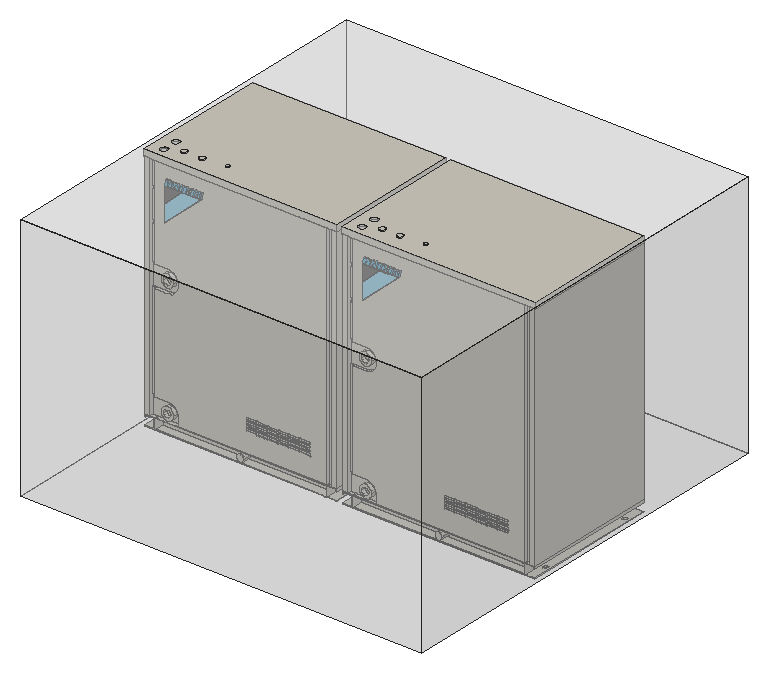
Revit family "outputfile", category 機械設備, Revit 2024 (continued)
Definition of nested family "DAIKIN_outdoorunit_RWEYQ-TY1S"
  Definition of nested family "outdoorunit_downpanel"
    Reference planes
      plane 3: x = 0
      plane 4 "Back": y = 10
      plane 5 "Front": y = -10
      plane 6: x = 736
      plane 7 "Top": z = 510
      plane 8 "Left": x = 0
      plane 9: z = 255
      plane 10: y = -18
      plane 11: y = 6
      plane 12: y = 8
      plane 13: x = 368
    Forms (mm)
      Extrusion 1, solid, material <- "material"
        sketch origin (0, 0, 0) x (1, 0, 0) y (0, 1, 0)
          loop
            line (0, 10) -> (0, -10) -> (736, -10) -> (736, 10) -> (0, 10)
        from 0 to 510
    Dimensions and locks
      equal spacing: plane 4 "Back", plane 1 "Center (Front/Back)", plane 5 "Front"
      "depth": plane 4 "Back" to plane 5 "Front"
      "width": plane 8 "Left" to plane 6
      "height1": plane 7 "Top" to plane 2 "Bottom"
      plane 4 "Back" to plane 11 = 4.0 mm
      plane 4 "Back" to plane 12 = 2.0 mm
      equal spacing: plane 8 "Left", plane 13, plane 6
      equal spacing: plane 7 "Top", plane 9, plane 2 "Bottom"
      aligned and locked: level to plane 2 "Bottom"
      aligned and locked: plane 8 "Left" to Extrusion 1 sketch curve
      aligned and locked: Extrusion 1 sketch curve to plane 4 "Back"
      aligned and locked: plane 5 "Front" to Extrusion 1 sketch curve
      aligned and locked: Extrusion 1 to plane 2 "Bottom"
      aligned and locked: plane 7 "Top" to Extrusion 1
      aligned and locked: plane 3 to plane 8 "Left"
    Automatic sketch dimensions
      Extrusion 1 sketch curve to plane 6 = 0.0 mm
  Definition of nested family "daikin_mountinghole"
    Parameters (values of type "daikin_mountinghole")
      Default Elevation = 1219.2 mm
      Type Comments = "mountinghole"
      show [instance] = yes
      material = none
      l_centerline = 100.0 mm
      l_antenna [instance] = 100.0 mm
      h_mountinghole [instance] = 0.0 mm
      d_circle = 30.0 mm
      Link_Nested Family [instance] = ""
    Reference planes
      plane 1 "Center (Front/Back)": y = 0
      plane 2: z = 0
      plane 3 "Center (Left/Right)": x = 0
      plane 4: y = 50
      plane 5: x = -50
      plane 6: x = 50
      plane 7: y = -50
      plane 8 "h_mountinghole": z = 0
      plane 9: z = 100
    Lines and regions (mm)
      model lines, detail levels fine
        curve 1: circle (0, 0, 0) r 15 normal (0, 0, 1)
        curve 2: line (-50, 0, 0) -> (50, 0, 0)
        curve 3: line (0, 50, 0) -> (0, -50, 0)
      symbolic lines, detail levels fine
        curve 4: circle (0, 0, 0) r 15 normal (0, 0, 1)
        curve 5: line (-50, 0, 0) -> (50, 0, 0)
        curve 6: line (0, 50, 0) -> (0, -50, 0)
      model lines
        curve 7: line (0, 0, 100) -> (0, 0, 0)
    Dimensions and locks
      equal spacing: plane 4, plane 1 "Center (Front/Back)", plane 7
      "l_centerline": plane 4 to plane 7
      equal spacing: plane 5, plane 3 "Center (Left/Right)", plane 6
      "l_centerline": plane 5 to plane 6
      "l_antenna": plane 9 to plane 8 "h_mountinghole"
      "h_mountinghole": plane 8 "h_mountinghole" to plane 2
      "d_circle": diameter of curve 1
      "d_circle": diameter of curve 4
      aligned and locked: level to plane 2
      aligned and locked: plane 1 "Center (Front/Back)" to curve 1
      aligned and locked: plane 3 "Center (Left/Right)" to curve 1
      aligned and locked: plane 1 "Center (Front/Back)" to curve 2
      aligned and locked: curve 3 to plane 3 "Center (Left/Right)"
      aligned and locked: plane 6 to curve 2
      aligned and locked: plane 5 to curve 2
      aligned and locked: plane 4 to curve 3
      aligned and locked: plane 7 to curve 3
      aligned and locked: plane 1 "Center (Front/Back)" to curve 4
      aligned and locked: plane 3 "Center (Left/Right)" to curve 4
      aligned and locked: plane 6 to curve 5
      aligned and locked: plane 5 to curve 5
      aligned and locked: plane 1 "Center (Front/Back)" to curve 5
      aligned and locked: plane 4 to curve 6
      aligned and locked: plane 7 to curve 6
      aligned and locked: curve 6 to plane 3 "Center (Left/Right)"
      aligned and locked: curve 7 to plane 3 "Center (Left/Right)"
      aligned and locked: plane 9 to curve 7
      aligned and locked: plane 8 "h_mountinghole" to curve 7
Definition of nested family "daikin_clearancespace"
  Parameters (values of type "daikin_clearancespace")
    Description = "daikin_clearancespace"
    width [instance] = 1823.963 mm
    show [instance] = yes
    material = none
    height [instance] = 1359.762 mm
    depth [instance] = 880.0 mm
    Default Elevation = 0.0 mm
    Link_Nested Family [instance] = ""
  Reference planes
    plane 1 "Center (Front/Back)": y = 0
    plane 2 "Center (Elevation)": z = -0.119
    plane 3 "Center (Left/Right)": x = 0
    plane 4: y = 440
    plane 5: y = -440
    plane 6 "Right": x = 911.982
    plane 7 "Left": x = -911.982
    plane 8 "Top": z = 679.762
    plane 9 "Bottom": z = -680
  Forms (mm)
    Extrusion 1, solid, material <- "material", visible <- "show"
      sketch origin (0, 0, 0) x (1, 0, 0) y (0, 1, 0)
        loop
          line (-911.982, 440) -> (-911.982, -440) -> (911.982, -440) -> (911.982, 440) -> (-911.982, 440)
      from -680 to 679.762
  Lines and regions (mm)
    symbolic lines, visible <- "show"
      curve 1: line (911.982, 440, 0) -> (-911.982, 440, 0)
      curve 2: line (-911.982, 440, 0) -> (-911.982, -440, 0)
      curve 3: line (-911.982, -440, 0) -> (911.982, -440, 0)
      curve 4: line (911.982, -440, 0) -> (911.982, 440, 0)
      curve 5: line (911.982, 0, 679.762) -> (-911.982, 0, 679.762)
      curve 6: line (911.982, 0, -680) -> (911.982, 0, 679.762)
      curve 7: line (-911.982, 0, -680) -> (911.982, 0, -680)
      curve 8: line (-911.982, 0, 679.762) -> (-911.982, 0, -680)
      curve 9: line (0, 440, 679.762) -> (0, -440, 679.762)
      curve 10: line (0, -440, 679.762) -> (0, -440, -680)
      curve 11: line (0, 440, -680) -> (0, 440, 679.762)
      curve 12: line (0, -440, -680) -> (0, 440, -680)
  Dimensions and locks
    "width": plane 7 "Left" to plane 6 "Right"
    "depth": plane 4 to plane 5
    "height": plane 8 "Top" to plane 9 "Bottom"
    equal spacing: plane 7 "Left", plane 3 "Center (Left/Right)", plane 6 "Right"
    equal spacing: plane 4, plane 1 "Center (Front/Back)", plane 5
    equal spacing: plane 8 "Top", plane 2 "Center (Elevation)", plane 9 "Bottom"
    aligned and locked: level to plane 2 "Center (Elevation)"
    aligned and locked: Extrusion 1 sketch curve to plane 4
    aligned and locked: plane 7 "Left" to Extrusion 1 sketch curve
    aligned and locked: Extrusion 1 sketch curve to plane 5
    aligned and locked: Extrusion 1 sketch curve to plane 6 "Right"
    aligned and locked: plane 8 "Top" to Extrusion 1
    aligned and locked: curve 1 to Extrusion 1
    aligned and locked: curve 2 to Extrusion 1
    aligned and locked: curve 3 to Extrusion 1
    aligned and locked: curve 4 to Extrusion 1
    aligned and locked: curve 5 to Extrusion 1
    aligned and locked: curve 6 to Extrusion 1
    aligned and locked: curve 7 to Extrusion 1
    aligned and locked: curve 8 to Extrusion 1
    aligned and locked: curve 9 to Extrusion 1
    aligned and locked: curve 10 to Extrusion 1
    aligned and locked: curve 11 to Extrusion 1
    aligned and locked: curve 12 to Extrusion 1
    aligned and locked: Extrusion 1 to plane 9 "Bottom"
Definition of nested family "daikin_logo_elevation_w150"
  Parameters (values of type "daikin_logo_elevation_w150")
    width = 150.0 mm
    show_logo [instance] = yes
    material = none
    height = 180.0 mm
    depth = 5.0 mm
    Default Elevation = 0.0 mm
  Reference planes
    plane 1 "Center (Front/Back)": y = 0
    plane 2: z = 0
    plane 3 "Center (Left/Right)": x = 0
    plane 4 "top": z = 180
    plane 5: z = 155.432
    plane 6 "left": x = -90
    plane 7 "right": x = 60
    plane 8: y = -5
  Forms (mm)
    Extrusion 1, solid, visible <- "show_logo"
      sketch origin (0, 0, 0) x (1, 0, 0) y (0, 0, 1)
        loop
          line (-90, 22.832) -> (54.211, 155.432) -> (-19.804, 155.432) -> (-90, 91.131) -> (-90, 22.832)
      from 0 to 5
    Extrusion 2, solid, visible <- "show_logo"
      sketch origin (0, 0, 0) x (1, 0, 0) y (0, 0, 1)
        loop
          line (-90, 155.432) -> (-90, 91.131) -> (-19.804, 155.432) -> (-90, 155.432)
      from 0 to 5
    Extrusion 3, solid, visible <- "show_logo"
      sketch origin (0, 0, 0) x (1, 0, 0) y (0, 0, 1)
        loop
          line (-73.294, 180) -> (-84.431, 180) -> (-90, 157.726) -> (-73.294, 157.726)
          arc (-73.294, 157.726) -> (-66.673, 159.069) -> (-61.582, 163.51) r 13.209
          arc (-61.582, 163.51) -> (-59.344, 169.288) -> (-60.109, 175.436) r 12.685
          arc (-60.109, 175.436) -> (-61.683, 177.678) -> (-64.031, 179.088) r 6.606
          arc (-64.031, 179.088) -> (-68.629, 179.878) -> (-73.294, 180) r 32.396
        loop
          line (-78.863, 162.18) -> (-74.408, 162.18)
          arc (-74.408, 162.18) -> (-70.986, 164.473) -> (-69.002, 168.082) r 8.708
          arc (-69.002, 168.082) -> (-68.734, 170.84) -> (-69.386, 173.533) r 8.337
          arc (-69.386, 173.533) -> (-70.358, 174.487) -> (-71.624, 174.988) r 3.442
          line (-71.624, 174.988) -> (-76.078, 174.988) -> (-78.863, 162.18)
        loop
          line (-61.043, 157.726) -> (-54.918, 157.726) -> (-52.829, 161.624) -> (-44.059, 161.624) -> (-43.223, 157.726) -> (-33.2, 157.726) -> (-37.655, 180) -> (-48.792, 180) -> (-61.043, 157.726)
        loop
          line (-50.145, 166.635) -> (-45.133, 166.635) -> (-46.565, 173.318) -> (-50.145, 166.635)
        loop
          line (-24.847, 180) -> (-30.416, 157.726) -> (-20.949, 157.726) -> (-15.38, 180) -> (-24.847, 180)
        loop
          line (-15.38, 157.726) -> (-5.914, 157.726) -> (-4.4, 163.779) -> (0.212, 157.726) -> (11.906, 157.726) -> (2.996, 169.42) -> (15.804, 180) -> (5.78, 180) -> (-1.94, 173.623) -> (-0.345, 180) -> (-9.812, 180) -> (-15.38, 157.726)
        loop
          line (20.259, 180) -> (14.133, 157.726) -> (24.157, 157.726) -> (29.725, 180) -> (20.259, 180)
        loop
          line (29.725, 157.726) -> (36.408, 157.726) -> (39.555, 170.315) -> (43.647, 157.726) -> (54.784, 157.726) -> (60.353, 180) -> (53.671, 180) -> (50.281, 166.442) -> (45.874, 180) -> (35.294, 180) -> (29.725, 157.726)
      from 0 to 5
  Dimensions and locks
    "height": plane 4 "top" to plane 2
    locked: plane 4 "top" to plane 5 at 24.568
    "width": plane 6 "left" to plane 7 "right"
    "depth": plane 8 to plane 1 "Center (Front/Back)"
    aligned and locked: level to plane 2
    aligned and locked: plane 4 "top" to Extrusion 3  (x8)
    aligned and locked: plane 5 to Extrusion 1
    aligned and locked: plane 5 to Extrusion 2
    aligned and locked: plane 6 "left" to Extrusion 2
    aligned and locked: plane 6 "left" to Extrusion 1
    aligned and locked: Extrusion 3 to plane 8
    aligned and locked: Extrusion 1 to plane 8
    aligned and locked: Extrusion 2 to plane 8
  Automatic sketch dimensions
    level to Extrusion 1 sketch curve = 22.832 mm
    Extrusion 1 sketch curve to Extrusion 1 sketch curve = 68.298 mm
    Extrusion 1 sketch curve to plane 4 "top" = 24.568 mm
    Extrusion 1 sketch curve to plane 3 "Center (Left/Right)" = 19.804 mm
    Extrusion 2 sketch curve to plane 4 "top" = 24.568 mm
    Extrusion 2 sketch curve to plane 3 "Center (Left/Right)" = 19.804 mm
    Extrusion 2 sketch curve to Extrusion 2 sketch curve = 64.302 mm
    Extrusion 3 sketch curve to plane 4 "top" = 0.0 mm  (x8)
    Extrusion 3 sketch curve to plane 4 "top" = 0.912 mm
    Extrusion 3 sketch curve to Extrusion 3 sketch curve = 2.154 mm
    Extrusion 3 sketch curve to Extrusion 3 sketch curve = 6.245 mm
    Extrusion 3 sketch curve to plane 4 "top" = 4.564 mm
    Extrusion 3 sketch curve to Extrusion 3 sketch curve = 5.748 mm
    Extrusion 3 sketch curve to Extrusion 3 sketch curve = 2.001 mm
    Extrusion 3 sketch curve to Extrusion 3 sketch curve = 4.603 mm
    Extrusion 3 sketch curve to Extrusion 3 sketch curve = 0.59 mm
    Extrusion 3 sketch curve to Extrusion 3 sketch curve = 0.07 mm
    Extrusion 3 sketch curve to Extrusion 3 sketch curve = 1.49 mm
    Extrusion 3 sketch curve to plane 4 "top" = 5.012 mm
    Extrusion 3 sketch curve to Extrusion 3 sketch curve = 3.556 mm
    Extrusion 3 sketch curve to Extrusion 3 sketch curve = 5.569 mm  (x3)
    Extrusion 3 sketch curve to Extrusion 3 sketch curve = 0.309 mm
    Extrusion 3 sketch curve to Extrusion 3 sketch curve = 4.455 mm  (x4)
    Extrusion 3 sketch curve to Extrusion 3 sketch curve = 0.288 mm
    Extrusion 3 sketch curve to Extrusion 3 sketch curve = 0.689 mm
    Extrusion 3 sketch curve to Extrusion 3 sketch curve = 2.238 mm
    Extrusion 3 sketch curve to Extrusion 3 sketch curve = 4.528 mm
    Extrusion 3 sketch curve to Extrusion 3 sketch curve = 0.658 mm
    Extrusion 3 sketch curve to Extrusion 3 sketch curve = 2.931 mm
    Extrusion 3 sketch curve to Extrusion 3 sketch curve = 0.357 mm
    Extrusion 3 sketch curve to Extrusion 3 sketch curve = 0.101 mm
    Extrusion 3 sketch curve to Extrusion 3 sketch curve = 11.317 mm
    Extrusion 3 sketch curve to Extrusion 3 sketch curve = 0.539 mm
    Extrusion 3 sketch curve to Extrusion 3 sketch curve = 11.137 mm  (x2)
    Extrusion 3 sketch curve to Extrusion 3 sketch curve = 5.784 mm
    Extrusion 3 sketch curve to Extrusion 3 sketch curve = 10.024 mm  (x3)
    Extrusion 3 sketch curve to Extrusion 3 sketch curve = 0.835 mm
    Extrusion 3 sketch curve to Extrusion 3 sketch curve = 8.771 mm
    Extrusion 3 sketch curve to Extrusion 3 sketch curve = 2.088 mm
    Extrusion 3 sketch curve to Extrusion 3 sketch curve = 3.898 mm
    Extrusion 3 sketch curve to plane 4 "top" = 6.682 mm
    Extrusion 3 sketch curve to Extrusion 3 sketch curve = 2.227 mm  (x2)
    Extrusion 3 sketch curve to Extrusion 3 sketch curve = 2.685 mm
    Extrusion 3 sketch curve to plane 4 "top" = 13.365 mm
    Extrusion 3 sketch curve to Extrusion 3 sketch curve = 5.012 mm
    Extrusion 3 sketch curve to Extrusion 3 sketch curve = 12.808 mm
    Extrusion 3 sketch curve to Extrusion 3 sketch curve = 2.784 mm
    Extrusion 3 sketch curve to Extrusion 3 sketch curve = 9.467 mm  (x4)
    Extrusion 3 sketch curve to Extrusion 3 sketch curve = 0.0 mm  (x5)
    Extrusion 3 sketch curve to Extrusion 3 sketch curve = 5.568 mm  (x2)
    Extrusion 3 sketch curve to plane 3 "Center (Left/Right)" = 0.345 mm
    Extrusion 3 sketch curve to plane 3 "Center (Left/Right)" = 1.94 mm
    Extrusion 3 sketch curve to plane 4 "top" = 6.377 mm
    plane 3 "Center (Left/Right)" to Extrusion 3 sketch curve = 5.78 mm
    plane 3 "Center (Left/Right)" to Extrusion 3 sketch curve = 2.996 mm
    Extrusion 3 sketch curve to Extrusion 3 sketch curve = 4.203 mm
    plane 3 "Center (Left/Right)" to Extrusion 3 sketch curve = 11.906 mm
    Extrusion 3 sketch curve to Extrusion 3 sketch curve = 11.694 mm
    plane 3 "Center (Left/Right)" to Extrusion 3 sketch curve = 0.212 mm
    Extrusion 3 sketch curve to plane 3 "Center (Left/Right)" = 4.4 mm
    Extrusion 3 sketch curve to Extrusion 3 sketch curve = 6.053 mm
    Extrusion 3 sketch curve to plane 3 "Center (Left/Right)" = 5.914 mm
    Extrusion 3 sketch curve to Extrusion 3 sketch curve = 10.581 mm
    Extrusion 3 sketch curve to plane 4 "top" = 13.558 mm
    Extrusion 3 sketch curve to Extrusion 3 sketch curve = 4.406 mm
    Extrusion 3 sketch curve to Extrusion 3 sketch curve = 7.796 mm
    Extrusion 3 sketch curve to Extrusion 3 sketch curve = 6.682 mm  (x2)
    Extrusion 3 sketch curve to Extrusion 3 sketch curve = 4.503 mm
    Extrusion 3 sketch curve to Extrusion 3 sketch curve = 8.716 mm
    Extrusion 3 sketch curve to Extrusion 3 sketch curve = 6.634 mm
    Extrusion 3 sketch curve to plane 4 "top" = 9.685 mm
    Extrusion 3 sketch curve to Extrusion 3 sketch curve = 4.261 mm
    Extrusion 3 sketch curve to Extrusion 3 sketch curve = 1.67 mm
    Extrusion 3 sketch curve to Extrusion 3 sketch curve = 8.353 mm
    Extrusion 1 sketch curve to plane 3 "Center (Left/Right)" = 90.0 mm
    Extrusion 2 sketch curve to Extrusion 2 sketch curve = 70.196 mm
    plane 3 "Center (Left/Right)" to Extrusion 1 sketch curve = 54.211 mm
Definition of nested family "daikin_mountinghole"
  Parameters (values of type "daikin_mountinghole")
    Default Elevation = 1219.2 mm
    Type Comments = "mountinghole"
    show [instance] = yes
    material = none
    l_centerline = 100.0 mm
    l_antenna [instance] = 100.0 mm
    h_mountinghole [instance] = 0.0 mm
    d_circle = 30.0 mm
    Link_Nested Family [instance] = ""
  Reference planes
    plane 1 "Center (Front/Back)": y = 0
    plane 2: z = 0
    plane 3 "Center (Left/Right)": x = 0
    plane 4: y = 50
    plane 5: x = -50
    plane 6: x = 50
    plane 7: y = -50
    plane 8 "h_mountinghole": z = 0
    plane 9: z = 100
  Lines and regions (mm)
    model lines, detail levels fine
      curve 1: circle (0, 0, 0) r 15 normal (0, 0, 1)
      curve 2: line (-50, 0, 0) -> (50, 0, 0)
      curve 3: line (0, 50, 0) -> (0, -50, 0)
    symbolic lines, detail levels fine
      curve 4: circle (0, 0, 0) r 15 normal (0, 0, 1)
      curve 5: line (-50, 0, 0) -> (50, 0, 0)
      curve 6: line (0, 50, 0) -> (0, -50, 0)
    model lines
      curve 7: line (0, 0, 100) -> (0, 0, 0)
  Dimensions and locks
    equal spacing: plane 4, plane 1 "Center (Front/Back)", plane 7
    "l_centerline": plane 4 to plane 7
    equal spacing: plane 5, plane 3 "Center (Left/Right)", plane 6
    "l_centerline": plane 5 to plane 6
    "l_antenna": plane 9 to plane 8 "h_mountinghole"
    "h_mountinghole": plane 8 "h_mountinghole" to plane 2
    "d_circle": diameter of curve 1
    "d_circle": diameter of curve 4
    aligned and locked: level to plane 2
    aligned and locked: plane 1 "Center (Front/Back)" to curve 1
    aligned and locked: plane 3 "Center (Left/Right)" to curve 1
    aligned and locked: plane 1 "Center (Front/Back)" to curve 2
    aligned and locked: curve 3 to plane 3 "Center (Left/Right)"
    aligned and locked: plane 6 to curve 2
    aligned and locked: plane 5 to curve 2
    aligned and locked: plane 4 to curve 3
    aligned and locked: plane 7 to curve 3
    aligned and locked: plane 1 "Center (Front/Back)" to curve 4
    aligned and locked: plane 3 "Center (Left/Right)" to curve 4
    aligned and locked: plane 6 to curve 5
    aligned and locked: plane 5 to curve 5
    aligned and locked: plane 1 "Center (Front/Back)" to curve 5
    aligned and locked: plane 4 to curve 6
    aligned and locked: plane 7 to curve 6
    aligned and locked: curve 6 to plane 3 "Center (Left/Right)"
    aligned and locked: curve 7 to plane 3 "Center (Left/Right)"
    aligned and locked: plane 9 to curve 7
    aligned and locked: plane 8 "h_mountinghole" to curve 7
Definition of nested family "daikin_connector_rotate3"
  Parameters (values of type "daikin_connector_rotate3")
    show [instance] = yes
    radius [instance] = 10.0 mm
    length [instance] = 600.0 mm
    angle_horizontal [instance] = 60.00°
    angle_vertical [instance] = 90.00°
    Default Elevation = 0.0 mm
  Reference planes
    plane 1 "Center (Front/Back)": y = 0
    plane 2: z = 0
    plane 3 "Center (Left/Right)": x = 0
  Dimensions and locks
    "angle_horizontal": angle plane 3 "Center (Left/Right)" to nested 1
    aligned and locked: level to plane 2
    aligned and locked: plane 1 "Center (Front/Back)" to nested 1  (x2)
    aligned and locked: plane 3 "Center (Left/Right)" to nested 1
  Nested families
    nested 1: "daikin_connector_rotate2" at (0, 0, 0) x (0.5, 0.866, 0) z (0, 0, 1), angle_vertical <- "angle_vertical", length <- "length", radius <- "radius", type "daikin_connector_rotate2"
      with radius 10.0 mm, length 600.0 mm, angle_vertical 90.00°
  Definition of nested family "daikin_connector_rotate2"
    Parameters (values of type "daikin_connector_rotate2")
      show_face = yes
      radius [instance] = 10.0 mm
      length [instance] = 600.0 mm
      d_surface = 10.0 mm
      angle_vertical [instance] = 90.00°
      Default Elevation = 0.0 mm
    Reference planes
      plane 1 "Center (Front/Back)": y = 0
      plane 2: z = 0
      plane 3 "Center (Left/Right)": x = 0
    Forms (mm)
      Extrusion 1, solid, visible <- "show_face"
        sketch origin (0, -600, 0) x (1, 0, 0) y (0, 0, 1)
          loop
            circle (0, 0) r 10
        from 0 to -10
    Lines and regions (mm)
      reference lines
        curve 1: line (0, 0, 0) -> (0, -600, 0)
      symbolic lines
        curve 2: circle (0, 0, 0) r 5 normal (0, 0, 1)
      model lines, visible <- "show_face"
        curve 3: line (0, 0, 0) -> (0, -600, 0)
    Dimensions and locks
      "length": curve 1 to curve 1
      "length": curve 3 to curve 3
      "d_surface": Extrusion 1 to Extrusion 1
      "radius": radius of Extrusion 1 sketch curve
      "angle_vertical": angle curve 1 to plane 1 "Center (Front/Back)"
      "angle_vertical": angle curve 3 to plane 1 "Center (Front/Back)"
      aligned and locked: level to plane 2
      aligned and locked: plane 1 "Center (Front/Back)" to curve 1
      aligned and locked: plane 2 to curve 1
      aligned and locked: plane 1 "Center (Front/Back)" to curve 2
      aligned and locked: plane 3 "Center (Left/Right)" to curve 2
      aligned and locked: plane 1 "Center (Front/Back)" to curve 3
      aligned and locked: plane 2 to curve 3
      aligned and locked: Extrusion 1 to Extrusion 1
    Automatic sketch dimensions
      Extrusion 1 sketch curve to level = 0.0 mm
      Extrusion 1 sketch curve to plane 3 "Center (Left/Right)" = 0.0 mm
      radius of curve 2 = 5.0 mm
